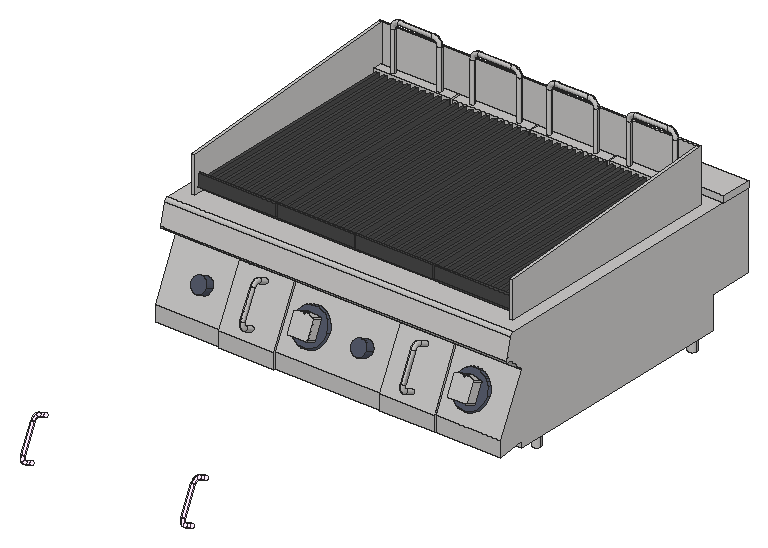
Revit family "QF_ZANUSSI_372043_Z7GRGHGC0P", category Specialty Equipment, Revit 2018 (continued)
Automatic sketch dimensions
  Split face 12 sketch curve to Split face 12 sketch curve = 1.519 mm
  Split face 12 sketch curve to Split face 12 sketch curve = 1.27 mm
  Split face 12 sketch curve to Split face 12 sketch curve = 1.944 mm
  Split face 12 sketch curve to Split face 12 sketch curve = 4.176 mm
  Split face 13 sketch curve to Split face 13 sketch curve = 2.301 mm
  Split face 13 sketch curve to Split face 13 sketch curve = 20.366 mm
  Split face 13 sketch curve to Split face 13 sketch curve = 1.542 mm
  Split face 13 sketch curve to Split face 13 sketch curve = 12.353 mm
  Split face 13 sketch curve to Split face 13 sketch curve = 1.391 mm
  Split face 13 sketch curve to Split face 13 sketch curve = 1.838 mm
  Split face 13 sketch curve to Split face 13 sketch curve = 25.358 mm
  Split face 14 sketch curve to Split face 14 sketch curve = 1.002 mm
  Split face 14 sketch curve to Split face 14 sketch curve = 2.982 mm
  Split face 14 sketch curve to Split face 14 sketch curve = 2.127 mm
  Split face 14 sketch curve to Split face 14 sketch curve = 2.188 mm
  Split face 14 sketch curve to Split face 14 sketch curve = 0.76 mm
  Split face 14 sketch curve to Split face 14 sketch curve = 0.795 mm
  Split face 14 sketch curve to Split face 14 sketch curve = 3.192 mm
  Split face 14 sketch curve to Split face 14 sketch curve = 0.559 mm
  plane 3 "LEFT" to Extrusion 27 sketch curve = 93.23 mm
  plane 3 "LEFT" to Extrusion 28 sketch curve = 93.23 mm
  plane 14 "panel" to Extrusion 29 sketch curve = 0 mm  (x2)
  plane 5 "FRONT" to Extrusion 29 sketch curve = 3.576 mm
  plane 5 "FRONT" to Extrusion 29 sketch curve = 0.376 mm
  Extrusion 29 sketch curve to plane 5 "FRONT" = 56.776 mm
  Extrusion 29 sketch curve to Extrusion 29 sketch curve = 2.866 mm
  plane 9 "BASE" to Extrusion 29 sketch curve = 6.333 mm
  plane 9 "BASE" to Extrusion 30 sketch curve = 6.333 mm
  Extrusion 30 sketch curve to plane 15 = 17.068 mm
  Extrusion 30 sketch curve to plane 15 = 80.993 mm
  plane 5 "FRONT" to Extrusion 30 sketch curve = 3.576 mm
  Extrusion 30 sketch curve to plane 5 "FRONT" = 56.776 mm
  Extrusion 30 sketch curve to Extrusion 30 sketch curve = 27.611 mm
  Extrusion 30 sketch curve to Extrusion 30 sketch curve = 34.806 mm
  Extrusion 30 sketch curve to plane 10 "TOP A" = 87.332 mm
  plane 7 "Center Y" to Extrusion 31 sketch curve = 63.98 mm
  plane 7 "Center Y" to Extrusion 32 sketch curve = 63.98 mm
  Sweep 33 sketch curve to plane 15 = 5.882 mm
  plane 9 "BASE" to Sweep 33 sketch curve = 91.029 mm
  Sweep 33 sketch curve to Sweep 33 sketch curve = 6.227 mm
  Sweep 33 sketch curve to Sweep 33 sketch curve = 11.537 mm  (x2)
  Sweep 33 sketch curve to Sweep 33 sketch curve = 27.548 mm
  Sweep 33 sketch curve to Sweep 33 sketch curve = 5.31 mm  (x3)
  Sweep 33 sketch curve to Sweep 33 sketch curve = 59.852 mm
  Sweep 33 sketch curve to Sweep 33 sketch curve = 20.629 mm  (x2)
  Sweep 33 sketch curve to Sweep 33 sketch curve = 9.495 mm  (x2)
  Sweep 33 sketch curve to profile plane = 0 mm
  profile plane to Sweep 33 sketch curve = 200.05 mm
  Sweep 34 sketch curve to plane 15 = 5.882 mm
  plane 9 "BASE" to Sweep 34 sketch curve = 91.029 mm
  Sweep 34 sketch curve to Sweep 34 sketch curve = 6.227 mm
  Sweep 34 sketch curve to Sweep 34 sketch curve = 11.537 mm  (x2)
  Sweep 34 sketch curve to Sweep 34 sketch curve = 27.548 mm
  Sweep 34 sketch curve to Sweep 34 sketch curve = 5.31 mm  (x3)
  Sweep 34 sketch curve to Sweep 34 sketch curve = 59.852 mm
  Sweep 34 sketch curve to Sweep 34 sketch curve = 20.629 mm  (x2)
  Sweep 34 sketch curve to Sweep 34 sketch curve = 9.495 mm  (x2)
  Sweep 34 sketch curve to profile plane = 0 mm
  profile plane to Sweep 34 sketch curve = 200.05 mm
  plane 9 "BASE" to Extrusion 35 sketch curve = 6.333 mm
  Extrusion 35 sketch curve to plane 15 = 17.068 mm
  Extrusion 35 sketch curve to plane 15 = 80.993 mm
  plane 5 "FRONT" to Extrusion 35 sketch curve = 3.576 mm
  Extrusion 35 sketch curve to plane 5 "FRONT" = 56.776 mm
  Extrusion 35 sketch curve to Extrusion 35 sketch curve = 27.611 mm
  Extrusion 35 sketch curve to Extrusion 35 sketch curve = 34.806 mm
  Extrusion 35 sketch curve to plane 10 "TOP A" = 87.332 mm
  radius of Extrusion 2 sketch curve = 9.525 mm  (x4)
  radius of Extrusion 3 sketch curve = 6.35 mm
  radius of Sweep 8 sketch curve = 4.572 mm
  radius of Sweep 9 sketch curve = 4.572 mm
  radius of Sweep 13 sketch curve = 4.572 mm
  radius of Sweep 14 sketch curve = 4.572 mm
  radius of Sweep 17 sketch curve = 4.572 mm
  radius of Blend 21 sketch curve = 42.5 mm
  radius of Blend 21 sketch curve = 40.5 mm
  radius of Split face 1 sketch curve = 1.714 mm
  radius of Split face 2 sketch curve = 2 mm
  radius of Split face 3 sketch curve = 2 mm
  radius of Sweep 22 sketch curve = 4.572 mm
  radius of Blend 26 sketch curve = 42.5 mm
  radius of Blend 26 sketch curve = 40.5 mm
  radius of Split face 8 sketch curve = 1.714 mm
  radius of Split face 9 sketch curve = 2 mm
  radius of Split face 10 sketch curve = 2 mm
  radius of Extrusion 27 sketch curve = 15 mm
  radius of Extrusion 28 sketch curve = 18 mm
  radius of Extrusion 31 sketch curve = 15 mm
  radius of Extrusion 32 sketch curve = 18 mm
  radius of Sweep 33 sketch curve = 4.572 mm
  radius of Sweep 34 sketch curve = 4.572 mm
Nested families
  nested 1: "QF_372043_GRILL" at (39.571, -130.285, 287.338), type "QF_372043_GRILL"
    with Type Mark "", Specification by User "", Revision Code "", Item Number "", Installed By "", Identify Quantity as Lot yes, Furnished By "", Foodservice Equipment Identifier yes
  nested 2: "QF_372043_GRILL" at (200.649, -130.285, 287.338), type "QF_372043_GRILL"
    with Type Mark "", Specification by User "", Revision Code "", Item Number "", Installed By "", Identify Quantity as Lot yes, Furnished By "", Foodservice Equipment Identifier yes
  nested 3: "QF_372043_GRILL" at (57.468, -130.285, 287.338), type "QF_372043_GRILL"
    with Type Mark "", Specification by User "", Revision Code "", Item Number "", Installed By "", Identify Quantity as Lot yes, Furnished By "", Foodservice Equipment Identifier yes
  nested 4: "QF_372043_GRILL" at (75.366, -130.285, 287.338), type "QF_372043_GRILL"
    with Type Mark "", Specification by User "", Revision Code "", Item Number "", Installed By "", Identify Quantity as Lot yes, Furnished By "", Foodservice Equipment Identifier yes
  nested 5: "QF_372043_GRILL" at (93.264, -130.285, 287.338), type "QF_372043_GRILL"
    with Type Mark "", Specification by User "", Revision Code "", Item Number "", Installed By "", Identify Quantity as Lot yes, Furnished By "", Foodservice Equipment Identifier yes
  nested 6: "QF_372043_GRILL" at (111.161, -130.285, 287.338), type "QF_372043_GRILL"
    with Type Mark "", Specification by User "", Revision Code "", Item Number "", Installed By "", Identify Quantity as Lot yes, Furnished By "", Foodservice Equipment Identifier yes
  nested 7: "QF_372043_GRILL" at (129.059, -130.285, 287.338), type "QF_372043_GRILL"
    with Type Mark "", Specification by User "", Revision Code "", Item Number "", Installed By "", Identify Quantity as Lot yes, Furnished By "", Foodservice Equipment Identifier yes
  nested 8: "QF_372043_GRILL" at (146.957, -130.285, 287.338), type "QF_372043_GRILL"
    with Type Mark "", Specification by User "", Revision Code "", Item Number "", Installed By "", Identify Quantity as Lot yes, Furnished By "", Foodservice Equipment Identifier yes
  nested 9: "QF_372043_GRILL" at (164.854, -130.285, 287.338), type "QF_372043_GRILL"
    with Type Mark "", Specification by User "", Revision Code "", Item Number "", Installed By "", Identify Quantity as Lot yes, Furnished By "", Foodservice Equipment Identifier yes
  nested 10: "QF_372043_GRILL" at (182.752, -130.285, 287.338), type "QF_372043_GRILL"
    with Type Mark "", Specification by User "", Revision Code "", Item Number "", Installed By "", Identify Quantity as Lot yes, Furnished By "", Foodservice Equipment Identifier yes
  nested 11: "QF_372043_GRILL" at (222.083, -130.285, 287.338), type "QF_372043_GRILL"
    with Type Mark "", Specification by User "", Revision Code "", Item Number "", Installed By "", Identify Quantity as Lot yes, Furnished By "", Foodservice Equipment Identifier yes
  nested 12: "QF_372043_GRILL" at (383.162, -130.285, 287.338), type "QF_372043_GRILL"
    with Type Mark "", Specification by User "", Revision Code "", Item Number "", Installed By "", Identify Quantity as Lot yes, Furnished By "", Foodservice Equipment Identifier yes
  nested 13: "QF_372043_GRILL" at (239.981, -130.285, 287.338), type "QF_372043_GRILL"
    with Type Mark "", Specification by User "", Revision Code "", Item Number "", Installed By "", Identify Quantity as Lot yes, Furnished By "", Foodservice Equipment Identifier yes
  nested 14: "QF_372043_GRILL" at (257.878, -130.285, 287.338), type "QF_372043_GRILL"
    with Type Mark "", Specification by User "", Revision Code "", Item Number "", Installed By "", Identify Quantity as Lot yes, Furnished By "", Foodservice Equipment Identifier yes
  nested 15: "QF_372043_GRILL" at (275.776, -130.285, 287.338), type "QF_372043_GRILL"
    with Type Mark "", Specification by User "", Revision Code "", Item Number "", Installed By "", Identify Quantity as Lot yes, Furnished By "", Foodservice Equipment Identifier yes
  nested 16: "QF_372043_GRILL" at (293.674, -130.285, 287.338), type "QF_372043_GRILL"
    with Type Mark "", Specification by User "", Revision Code "", Item Number "", Installed By "", Identify Quantity as Lot yes, Furnished By "", Foodservice Equipment Identifier yes
  nested 17: "QF_372043_GRILL" at (311.571, -130.285, 287.338), type "QF_372043_GRILL"
    with Type Mark "", Specification by User "", Revision Code "", Item Number "", Installed By "", Identify Quantity as Lot yes, Furnished By "", Foodservice Equipment Identifier yes
  nested 18: "QF_372043_GRILL" at (329.469, -130.285, 287.338), type "QF_372043_GRILL"
    with Type Mark "", Specification by User "", Revision Code "", Item Number "", Installed By "", Identify Quantity as Lot yes, Furnished By "", Foodservice Equipment Identifier yes
  nested 19: "QF_372043_GRILL" at (347.367, -130.285, 287.338), type "QF_372043_GRILL"
    with Type Mark "", Specification by User "", Revision Code "", Item Number "", Installed By "", Identify Quantity as Lot yes, Furnished By "", Foodservice Equipment Identifier yes
  nested 20: "QF_372043_GRILL" at (365.264, -130.285, 287.338), type "QF_372043_GRILL"
    with Type Mark "", Specification by User "", Revision Code "", Item Number "", Installed By "", Identify Quantity as Lot yes, Furnished By "", Foodservice Equipment Identifier yes
  nested 21: "QF_372043_GRILL" at (403.796, -130.285, 287.338), type "QF_372043_GRILL"
    with Type Mark "", Specification by User "", Revision Code "", Item Number "", Installed By "", Identify Quantity as Lot yes, Furnished By "", Foodservice Equipment Identifier yes
  nested 22: "QF_372043_GRILL" at (564.874, -130.285, 287.338), type "QF_372043_GRILL"
    with Type Mark "", Specification by User "", Revision Code "", Item Number "", Installed By "", Identify Quantity as Lot yes, Furnished By "", Foodservice Equipment Identifier yes
  nested 23: "QF_372043_GRILL" at (421.693, -130.285, 287.338), type "QF_372043_GRILL"
    with Type Mark "", Specification by User "", Revision Code "", Item Number "", Installed By "", Identify Quantity as Lot yes, Furnished By "", Foodservice Equipment Identifier yes
  nested 24: "QF_372043_GRILL" at (439.591, -130.285, 287.338), type "QF_372043_GRILL"
    with Type Mark "", Specification by User "", Revision Code "", Item Number "", Installed By "", Identify Quantity as Lot yes, Furnished By "", Foodservice Equipment Identifier yes
  nested 25: "QF_372043_GRILL" at (457.489, -130.285, 287.338), type "QF_372043_GRILL"
    with Type Mark "", Specification by User "", Revision Code "", Item Number "", Installed By "", Identify Quantity as Lot yes, Furnished By "", Foodservice Equipment Identifier yes
  nested 26: "QF_372043_GRILL" at (475.386, -130.285, 287.338), type "QF_372043_GRILL"
    with Type Mark "", Specification by User "", Revision Code "", Item Number "", Installed By "", Identify Quantity as Lot yes, Furnished By "", Foodservice Equipment Identifier yes
  nested 27: "QF_372043_GRILL" at (493.284, -130.285, 287.338), type "QF_372043_GRILL"
    with Type Mark "", Specification by User "", Revision Code "", Item Number "", Installed By "", Identify Quantity as Lot yes, Furnished By "", Foodservice Equipment Identifier yes
  nested 28: "QF_372043_GRILL" at (511.182, -130.285, 287.338), type "QF_372043_GRILL"
    with Type Mark "", Specification by User "", Revision Code "", Item Number "", Installed By "", Identify Quantity as Lot yes, Furnished By "", Foodservice Equipment Identifier yes
  nested 29: "QF_372043_GRILL" at (529.079, -130.285, 287.338), type "QF_372043_GRILL"
    with Type Mark "", Specification by User "", Revision Code "", Item Number "", Installed By "", Identify Quantity as Lot yes, Furnished By "", Foodservice Equipment Identifier yes
  nested 30: "QF_372043_GRILL" at (546.977, -130.285, 287.338), type "QF_372043_GRILL"
    with Type Mark "", Specification by User "", Revision Code "", Item Number "", Installed By "", Identify Quantity as Lot yes, Furnished By "", Foodservice Equipment Identifier yes
  nested 31: "QF_372043_GRILL" at (586.308, -130.285, 287.338), type "QF_372043_GRILL"
    with Type Mark "", Specification by User "", Revision Code "", Item Number "", Installed By "", Identify Quantity as Lot yes, Furnished By "", Foodservice Equipment Identifier yes
  nested 32: "QF_372043_GRILL" at (747.387, -130.285, 287.338), type "QF_372043_GRILL"
    with Type Mark "", Specification by User "", Revision Code "", Item Number "", Installed By "", Identify Quantity as Lot yes, Furnished By "", Foodservice Equipment Identifier yes
  nested 33: "QF_372043_GRILL" at (604.206, -130.285, 287.338), type "QF_372043_GRILL"
    with Type Mark "", Specification by User "", Revision Code "", Item Number "", Installed By "", Identify Quantity as Lot yes, Furnished By "", Foodservice Equipment Identifier yes
  nested 34: "QF_372043_GRILL" at (622.103, -130.285, 287.338), type "QF_372043_GRILL"
    with Type Mark "", Specification by User "", Revision Code "", Item Number "", Installed By "", Identify Quantity as Lot yes, Furnished By "", Foodservice Equipment Identifier yes
  nested 35: "QF_372043_GRILL" at (640.001, -130.285, 287.338), type "QF_372043_GRILL"
    with Type Mark "", Specification by User "", Revision Code "", Item Number "", Installed By "", Identify Quantity as Lot yes, Furnished By "", Foodservice Equipment Identifier yes
  nested 36: "QF_372043_GRILL" at (657.899, -130.285, 287.338), type "QF_372043_GRILL"
    with Type Mark "", Specification by User "", Revision Code "", Item Number "", Installed By "", Identify Quantity as Lot yes, Furnished By "", Foodservice Equipment Identifier yes
  nested 37: "QF_372043_GRILL" at (675.796, -130.285, 287.338), type "QF_372043_GRILL"
    with Type Mark "", Specification by User "", Revision Code "", Item Number "", Installed By "", Identify Quantity as Lot yes, Furnished By "", Foodservice Equipment Identifier yes
  nested 38: "QF_372043_GRILL" at (693.694, -130.285, 287.338), type "QF_372043_GRILL"
    with Type Mark "", Specification by User "", Revision Code "", Item Number "", Installed By "", Identify Quantity as Lot yes, Furnished By "", Foodservice Equipment Identifier yes
  nested 39: "QF_372043_GRILL" at (711.592, -130.285, 287.338), type "QF_372043_GRILL"
    with Type Mark "", Specification by User "", Revision Code "", Item Number "", Installed By "", Identify Quantity as Lot yes, Furnished By "", Foodservice Equipment Identifier yes
  nested 40: "QF_372043_GRILL" at (729.489, -130.285, 287.338), type "QF_372043_GRILL"
    with Type Mark "", Specification by User "", Revision Code "", Item Number "", Installed By "", Identify Quantity as Lot yes, Furnished By "", Foodservice Equipment Identifier yes
Connectors
  piping at (747.613, -98.425, 57.906), diameter 12.7, driven by "Gas Size"
    settings: on Extrusion 3, index 2, connector inside diameter 1/2", connector length 0 mm, flow factor 0, pipe flow 0 GPM, pressure drop 0.00 psi, fitting loss kfactor 0, connector angle 0.00°, fixture units 0, engagement length 0 mm, angle of deflection 0.00°, flow configuration 1, flow direction 1, fitting loss method 0, system type 7, joint type 0, gender type 0, connector reference index -1, connector utility 0, adjustable connector no, is connector primary yes, connector description "Gas Connection"
Definition of nested family "QF_372043_GRILL"
  Parameters
    Weight in Pounds = 0
    URL Cutsheet = ""
    URL = ""
    Type Mark [instance] = ""
    Specification by User [instance] = ""
    Specification by Manufacturer = ""
    Serial Number = ""
    Seismic Rating = ""
    SMACNA No = ""
    Revision Code [instance] = ""
    Omniclass Number and Title = ""
    NAFEM Spec ID Number = ""
    Model = ""
    Masterspec = ""
    Manufacturer = ""
    Item Number [instance] = ""
    Installed By [instance] = ""
    Identify Quantity as Lot [instance] = yes
    Furnished By [instance] = ""
    Foodservice Equipment Identifier [instance] = yes
    Description = ""
    CSI MasterFormat = ""
    CSI Master Format = ""
    Assembly Code = ""
  Reference planes
    plane 1 "BACK": y = 0
    plane 2: z = 0
    plane 3 "LEFT": x = 0
    plane 4 "RIGHT": x = 12.7
    plane 5 "FRONT": y = -501.68
    plane 6 "TOP": z = 19.576
    plane 7 "Center Y": x = 6.35
    plane 8 "Center X": y = -250.84
    plane 9: y = -147.637
  Forms (mm)
    Extrusion 1, solid
      sketch origin (-1.421, -501.68, -12.7) x (1, 0, 0) y (0, 0, 1)
        loop
          line (1.421, 12.7) -> (14.121, 12.7) -> (11.081, 32.276) -> (4.46, 32.276) -> (1.421, 12.7)
      from 0 to -501.68
  Lines and regions (mm)
    symbolic lines
      curve 1: line (0, 0, 0) -> (12.7, 0, 0)
      curve 2: line (0, -501.68, 0) -> (0, 0, 0)
      curve 3: line (12.7, -501.68, 0) -> (0, -501.68, 0)
      curve 4: line (12.7, 0, 0) -> (12.7, -501.68, 0)
  Dimensions and locks
    equal spacing: plane 3 "LEFT", plane 7 "Center Y", plane 4 "RIGHT"
    plane 3 "LEFT" to plane 4 "RIGHT" = 12.7 mm
    equal spacing: plane 5 "FRONT", plane 8 "Center X", plane 1 "BACK"
    plane 5 "FRONT" to plane 1 "BACK" = 501.68 mm
    plane 6 "TOP" to level = 19.576 mm
    plane 1 "BACK" to plane 5 "FRONT" = 501.68 mm
    aligned and locked: level to plane 2
  Automatic sketch dimensions
    Extrusion 1 sketch curve to level = 0 mm
    Extrusion 1 sketch curve to plane 3 "LEFT" = 0 mm
    Extrusion 1 sketch curve to plane 6 "TOP" = 0 mm
    Extrusion 1 sketch curve to plane 4 "RIGHT" = 0 mm
    plane 3 "LEFT" to Extrusion 1 sketch curve = 3.039 mm
    Extrusion 1 sketch curve to plane 4 "RIGHT" = 3.039 mm
    curve 3 to plane 3 "LEFT" = 0 mm
    curve 3 to plane 4 "RIGHT" = 0 mm
    plane 5 "FRONT" to curve 3 = 0 mm
    plane 1 "BACK" to curve 2 = 0 mm
